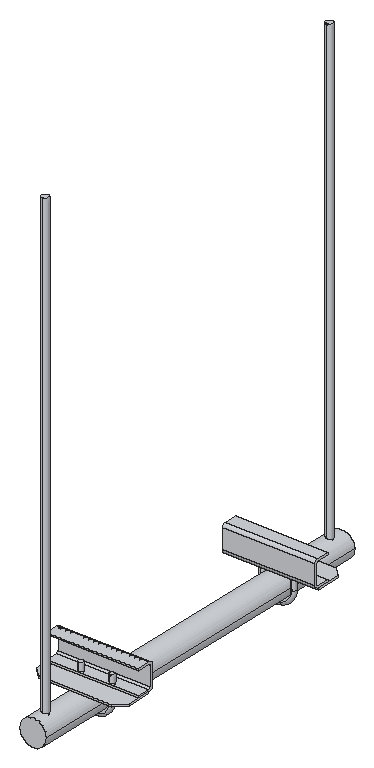
Revit family "C2112", category Specialty Equipment, Revit 2025
Family settings
  Round Connector Dimension = Use Diameter
  Part Type = Normal
  Work Plane-Based = No
  Enable Cutting in Views = No
  Always vertical = Yes
  Cut with Voids When Loaded = No
  Maintain Annotation Orientation = No
  Shared = No
  Room Calculation Point = No
Parameters (values of type "C2112-18"")
  Lookup Table Name C [instance] = "CSUP_C"
  Lookup Table Name B [instance] = "CSUP_B"
  Lookup Table Name [instance] = "CSUP_A"
  Default Elevation = 0' - 0"
  Conveyor_Elevation_In = 2' - 6"
  CLR_NOMINAL_WIDTH [instance] = 1' - 6"
  C [instance] = size_lookup(Lookup Table Name C, "CC", 0' 11 1/4", CLR_NOMINAL_WIDTH)  # 1' - 5 1/4"
  B [instance] = size_lookup(Lookup Table Name B, "BB", 0' 11 1/4", CLR_NOMINAL_WIDTH)  # 2' - 3"
  A [instance] = size_lookup(Lookup Table Name, "AA", 0' 11 1/4", CLR_NOMINAL_WIDTH)  # 2' - 5 1/4"
Types (6): name | CLR_NOMINAL_WIDTH | C | B | A
  (no name) | 1' - 6" | 1' - 5 1/4" | 2' - 3" | 2' - 5 1/4"
  C2112-18" | 1' - 6" | 1' - 5 1/4" | 2' - 3" | 2' - 5 1/4"
  C2112-24" | 2' - 0" | 1' - 11 1/4" | 2' - 9" | 2' - 11 1/4"
  C2112-30" | 2' - 6" | 2' - 5 1/4" | 3' - 3" | 3' - 5 1/4"
  C2112-36" | 3' - 0" | 2' - 11 1/4" | 3' - 9" | 3' - 11 1/4"
  C2112-42" | 3' - 6" | 3' - 5 1/4" | 4' - 3" | 4' - 5 1/4"
Reference planes (in)
  plane 1 "Center (Front/Back)": y = 0
  plane 2: z = 0
  plane 3 "Center (Left/Right)": x = 0
  plane 4 "Top_of_Conveyor": z = 30
  plane 5 "Bot_of_Conveyor": z = 23.71875
  plane 6: y = -14.625
  plane 7: y = 14.625
  plane 8 "PIPE_Centrline": z = 20.58875
  plane 9: z = 21.58875
  plane 10: z = 21.72175
  plane 11: y = 8.625
  plane 12 "1": y = -8.625
  plane 13: y = 8.625
  plane 14: y = -11.25
  plane 15: x = -1
  plane 16: x = 1
  plane 17: x = -1
  plane 18: x = 1
  plane 19: y = 13.5
  plane 20: y = -13.5
  plane 21: y = -8.625
  plane 22: x = -1
  plane 23: x = 1
Forms (in)
  Extrusion 1, solid
    sketch origin (0, 0, 0) x (1, 0, 0) y (0, 0, 1)
      loop
        circle (0, 20.58875) r 1
    from -14.625 to 14.625
  Extrusion 2, solid
    sketch origin (0, -0.79391, 0) x (-1, 0, 0) y (0, -1, 0)
      loop
        line (-2.75, 9.83109) -> (-3.5, 9.08109) -> (-3.5, 7.33109) -> (3.5, 7.33109) -> (3.5, 9.08109) -> (2.75, 9.83109) -> (-2.75, 9.83109)
    from 21.58875 to 21.72175
  Extrusion 3, solid
    sketch origin (0, 0.57694, -0.23242) x (0, 1, 0) y (0, 0, 1)
      loop
        line (-9.57194, 23.95417) -> (-9.57194, 23.82417) -> (-8.57694, 23.82417)
        arc (-8.57694, 23.82417) -> (-8.48856, 23.78756) -> (-8.45194, 23.69917) r 0.125
        line (-8.45194, 23.69917) -> (-8.45194, 22.20917)
        arc (-8.45194, 22.20917) -> (-8.48856, 22.12078) -> (-8.57694, 22.08417) r 0.125
        line (-8.57694, 22.08417) -> (-9.57194, 22.08417) -> (-9.57194, 21.95417) -> (-8.57194, 21.95417)
        arc (-8.57194, 21.95417) -> (-8.39517, 22.02739) -> (-8.32194, 22.20417) r 0.25
        line (-8.32194, 22.20417) -> (-8.32194, 23.70417)
        arc (-8.32194, 23.70417) -> (-8.39517, 23.88095) -> (-8.57194, 23.95417) r 0.25
        line (-8.57194, 23.95417) -> (-9.57194, 23.95417)
    from -3.5 to 3.5
  Extrusion 4, solid
    sketch origin (0, -0.57194, 45.99842) x (0, -1, 0) y (0, 0, -1)
      loop
        line (-9.56694, 24.27667) -> (-9.56694, 24.14667) -> (-8.57194, 24.14667)
        arc (-8.57194, 24.14667) -> (-8.48356, 24.11006) -> (-8.44694, 24.02167) r 0.125
        line (-8.44694, 24.02167) -> (-8.44694, 22.53167)
        arc (-8.44694, 22.53167) -> (-8.48356, 22.44328) -> (-8.57194, 22.40667) r 0.125
        line (-8.57194, 22.40667) -> (-9.56694, 22.40667) -> (-9.56694, 22.27667) -> (-8.56694, 22.27667)
        arc (-8.56694, 22.27667) -> (-8.39017, 22.34989) -> (-8.31694, 22.52667) r 0.25
        line (-8.31694, 22.52667) -> (-8.31694, 24.02667)
        arc (-8.31694, 24.02667) -> (-8.39017, 24.20345) -> (-8.56694, 24.27667) r 0.25
        line (-8.56694, 24.27667) -> (-9.56694, 24.27667)
    from -3.5 to 3.5
  Revolve 5, solid, not visible
    sketch origin (0, -5.625, 20.58875) x (0, -1, 0) y (1, 0, 0)
      loop
        circle (5.625, -1.19) r 0.19
      axis (5.435, 0) -> (5.815, 0)
    angle from 0 to 180
  Extrusion 6, solid, not visible
    sketch origin (0, -9.87, 20.58875) x (0, -1, 0) y (1, 0, 0)
      loop
        circle (1.38, -1.19) r 0.19
      loop
        circle (1.38, 1.19) r 0.19
    from 0 to 1.79448
  Revolve 7, solid
    sketch origin (0, 14.25, 20.58875) x (0, -1, 0) y (1, 0, 0)
      loop
        circle (5.625, -1.19) r 0.19
      axis (5.435, 0) -> (5.815, 0)
    angle from 0 to 180
  Extrusion 8, solid
    sketch origin (0, 10.005, 20.58875) x (0, -1, 0) y (1, 0, 0)
      loop
        circle (1.38, -1.19) r 0.19
      loop
        circle (1.38, 1.19) r 0.19
    from 0 to 1.79448
  Extrusion 9, solid
    sketch origin (0, -4.83109, 0) x (1, 0, 0) y (0, 1, 0)
      loop
        line (-2.75, 15.45609) -> (-3.5, 14.70609) -> (-3.5, 12.95609) -> (3.5, 12.95609) -> (3.5, 14.70609) -> (2.75, 15.45609) -> (-2.75, 15.45609)
    from 21.58875 to 21.72175
  Extrusion 10, solid
    sketch origin (0, 0, 20.58875) x (0, -1, 0) y (1, 0, 0)
      loop
        circle (-13.5, 0) r 0.25
      loop
        circle (13.5, 0) r 0.25
    from 0 to 36
  Revolve 11, solid
    sketch origin (0, -3, 20.58875) x (0, -1, 0) y (1, 0, 0)
      loop
        circle (5.625, -1.19) r 0.19
      axis (5.435, 0) -> (5.815, 0)
    angle from 0 to 180
  Extrusion 12, solid
    sketch origin (0, -7.245, 20.58875) x (0, -1, 0) y (1, 0, 0)
      loop
        circle (1.38, -1.19) r 0.19
      loop
        circle (1.38, 1.19) r 0.19
    from 0 to 1.79448
Dimensions and locks (in)
  "Conveyor_Elevation_In": plane 4 "Top_of_Conveyor" to level
  locked: plane 4 "Top_of_Conveyor" to plane 5 "Bot_of_Conveyor" at 6.28125
  equal spacing: plane 6, plane 1 "Center (Front/Back)", plane 7
  "A": plane 6 to plane 7
  locked: plane 5 "Bot_of_Conveyor" to plane 8 "PIPE_Centrline" at 3.13
  locked: plane 9 to plane 8 "PIPE_Centrline" at 1
  locked: plane 10 to plane 9 at 0.133
  equal spacing: plane 11, plane 1 "Center (Front/Back)", plane 12 "1"
  "C": plane 11 to plane 12 "1"
  Extrusion 2 sketch curve to Extrusion 2 sketch curve = 0' - 7"
  locked: Extrusion 2 sketch curve to Extrusion 2 sketch curve at 2.5
  locked: Extrusion 2 sketch curve to Extrusion 2 sketch curve at 7
  locked: Extrusion 2 sketch curve to Extrusion 2 sketch curve at 5.5
  locked: Extrusion 2 to plane 12 "1" at 0.5
  locked: Extrusion 2 to plane 3 "Center (Left/Right)" at 3.5
  Extrusion 3 sketch curve to Extrusion 3 sketch curve = 0' - 2"
  locked: Extrusion 3 sketch curve to Extrusion 3 sketch curve at 0.13  (x3)
  Extrusion 3 sketch curve to Extrusion 3 sketch curve = 0' - 1 1/4"  (x2)
  locked: Extrusion 3 to plane 10
  locked: Extrusion 2 to Extrusion 3 at 0.38
  Extrusion 4 sketch curve to Extrusion 4 sketch curve = 0' - 2"
  locked: Extrusion 4 sketch curve to Extrusion 4 sketch curve at 0.13  (x3)
  Extrusion 4 sketch curve to Extrusion 4 sketch curve = 0' - 1 1/4"  (x2)
  locked: Extrusion 4 to plane 10
  Extrusion 9 sketch curve to Extrusion 9 sketch curve = 0' - 7"
  locked: Extrusion 9 sketch curve to Extrusion 9 sketch curve at 2.5
  locked: Extrusion 9 sketch curve to Extrusion 9 sketch curve at 7
  locked: Extrusion 9 sketch curve to Extrusion 9 sketch curve at 5.5
  Extrusion 9 to plane 3 "Center (Left/Right)" = 0' - 3 1/2"
  locked: plane 11 to Extrusion 9 at 0.5
  locked: plane 15 to plane 3 "Center (Left/Right)" at 1
  locked: plane 11 to plane 13
  equal spacing: plane 19, plane 1 "Center (Front/Back)", plane 20
  "B": plane 19 to plane 20
  locked: plane 12 "1" to plane 21
  locked: plane 8 "PIPE_Centrline" to Extrusion 12
  locked: Extrusion 2 sketch curve to Extrusion 2 sketch curve (angle 135.00°)  (x2)
  locked: Extrusion 9 sketch curve to Extrusion 9 sketch curve (angle 135.00°)  (x2)
  aligned and locked: level to plane 2
  aligned and locked: plane 7 to Extrusion 1
  aligned and locked: Extrusion 1 to plane 6
  aligned and locked: Extrusion 2 to Extrusion 3
  aligned and locked: plane 10 to Extrusion 2
  aligned and locked: Extrusion 2 to plane 9
  aligned and locked: plane 10 to Extrusion 9
  aligned and locked: Extrusion 9 to plane 9
  aligned and locked: Revolve 7 to plane 8 "PIPE_Centrline"
  aligned and locked: Extrusion 12 to plane 8 "PIPE_Centrline"
Automatic sketch dimensions
  Extrusion 6 sketch curve to Extrusion 6 sketch curve = 0' - 0.19"
  Extrusion 6 sketch curve to Extrusion 6 sketch curve = 0' - 0"
  Extrusion 6 sketch curve to Extrusion 6 sketch curve = 0' - 2.38"
  Revolve 5 sketch curve to Revolve 5 sketch curve = 0' - 1.38"
  Revolve 5 sketch curve to Revolve 5 sketch curve = 0' - 1.12"
  Revolve 5 sketch curve to Revolve 5 sketch curve = 0' - 1.19"
  Extrusion 8 sketch curve to Extrusion 8 sketch curve = 0' - 0.19"
  Extrusion 8 sketch curve to Extrusion 8 sketch curve = 0' - 0"
  Extrusion 8 sketch curve to Extrusion 8 sketch curve = 0' - 2.38"
  Revolve 7 sketch curve to Revolve 7 sketch curve = 0' - 1.38"
  Revolve 7 sketch curve to Revolve 7 sketch curve = 0' - 1.12"
  Revolve 7 sketch curve to Revolve 7 sketch curve = 0' - 1.19"
  Extrusion 12 sketch curve to Extrusion 12 sketch curve = 0' - 0.19"
  Extrusion 12 sketch curve to Extrusion 12 sketch curve = 0' - 0"
  Extrusion 12 sketch curve to Extrusion 12 sketch curve = 0' - 2.38"
  Revolve 11 sketch curve to Revolve 11 sketch curve = 0' - 1.38"
  Revolve 11 sketch curve to Revolve 11 sketch curve = 0' - 1.12"
  Revolve 11 sketch curve to Revolve 11 sketch curve = 0' - 1.19"
  Extrusion 1 sketch curve to plane 3 "Center (Left/Right)" = 0' - 0"
  Extrusion 1 sketch curve to plane 8 "PIPE_Centrline" = 0' - 0"
  Extrusion 2 sketch curve to plane 12 "1" = 0' - 1 1/4"
  Extrusion 2 sketch curve to plane 16 = 0' - 2 1/2"
  Extrusion 2 sketch curve to Extrusion 2 sketch curve = 0' - 0 3/4"
  Extrusion 3 sketch curve to plane 10 = 0' - 0"
  Extrusion 3 sketch curve to plane 12 "1" = 0' - 0.37"
  Extrusion 3 sketch curve to Extrusion 3 sketch curve = 0' - 0 1/8"  (x2)
  Extrusion 3 sketch curve to Extrusion 3 sketch curve = 0' - 0.005"  (x2)
  Extrusion 4 sketch curve to plane 10 = 0' - 0"
  plane 11 to Extrusion 4 sketch curve = 0' - 0.37"
  Extrusion 4 sketch curve to Extrusion 4 sketch curve = 0' - 0 1/8"  (x2)
  Extrusion 4 sketch curve to Extrusion 4 sketch curve = 0' - 0.005"  (x2)
  plane 11 to Extrusion 9 sketch curve = 0' - 1 1/4"
  plane 15 to Extrusion 9 sketch curve = 0' - 2 1/2"
  Extrusion 9 sketch curve to Extrusion 9 sketch curve = 0' - 0 3/4"
  Extrusion 10 sketch curve to plane 3 "Center (Left/Right)" = 0' - 0"  (x2)
  Extrusion 10 sketch curve to plane 19 = 0' - 0"
  Extrusion 10 sketch curve to plane 20 = 0' - 0"
  radius of Extrusion 6 sketch curve to Revolve 5 = 0' - 0"
  radius of Extrusion 8 sketch curve to Revolve 7 = 0' - 0"
  radius of Revolve 7 sketch curve = 0' - 0.19"
  radius of Revolve 5 sketch curve = 0' - 0.19"
  radius of Extrusion 12 sketch curve to Revolve 11 = 0' - 0"
  radius of Revolve 11 sketch curve = 0' - 0.19"
  radius of Extrusion 1 sketch curve = 0' - 1"
  radius of Extrusion 10 sketch curve = 0' - 0 1/4"  (x2)
